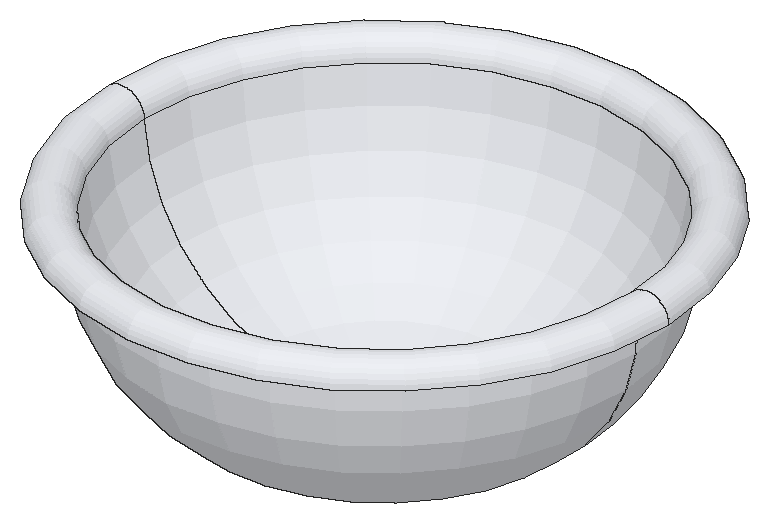
Revit family "Deca_Cuba de sobrepor Universal Redonda_L.50FFFFF", category Plumbing Fixtures, host Face, Revit 2010
Parameters (values of type "L.50.17_Branco Gelo GE17")
  WFU = 0
  Vendido Separadamente = "Sifão para lavatório: Cromado: (1680.C.100.112), Dourado (1680.D.100.112).   Slim: Cromado (1684.C.100.112), Dourado (1684.D.100.112).  Quadra: Cromado (1685.C.100.112). Articulado: Cromado (1682.C.100.112). Válvulas de escoamentos compatíveis: Luxo: Cromado (1601.C), Branco (1601.E.BR); Click: Cromado (1601.C.CLI). Competitivo: Cromado (1602.C), Dourado (1602.D); Tampão plástico: Cromado (1602.C.PLA)."  # constant formula
  Variações de COR = "Branco (L.50.17); Creme (L.50.37); Cinza (L.50.87); Ébano (L.50.95); Rosa (L.50.89)."  # constant formula
  URL = "www.deca.com.br/produtos"
  Segmento = "Competitivo"  # constant formula
  Raio Ponto de Esgoto = 20 mm  # constant formula
  Produto = "Cuba de sobrepor Universal Redonda"  # constant formula
  Peso Liquido (Kg) = 2.9
  Norma = " ABNT NBR 15097-1: 2011 / ABNT NBR 15097-2: 2011"  # constant formula
  Model = Código  # "L.50.17"
  Material = "Deca_Vitreous China"  # constant formula
  Manufacturer = "Deca"  # constant formula
  Louça/Metais = "Louça"  # constant formula
  Linha = "Cuba de sobrepor"  # constant formula
  Informações Complementares = ""
  Flow Pressure = 0.00 psi
  Diâmetro Ponto de Esgoto = Raio Ponto de Esgoto * 2  # 40 mm
  Description = "Cuba de sobrepor"  # constant formula
  Default Elevation = 0 mm
  Código = "L.50.17"
  Cuba = Deca GE17 Branco Gelo Cerâmica
  Criado por = "Contino/quattroD"  # constant formula
  Atendimento ao Cliente = "0800-0117073 "  # constant formula
  Assembly Code = "D2010400"
  Aprovado por = "Contino/quattroD"  # constant formula
  Acompanha o Produto = ""
Types (5, lengths in mm): name | Model | Código | Cuba
  L.50.17_Branco Gelo GE17 | "L.50.17" | "L.50.17" | Deca GE17 Branco Gelo Cerâmica
  L.50.37_Creme CR37 | "L.50.37" | "L.50.37" | Deca CR37 Creme Cerâmica
  L.50.87_Cinza Real CZ87 | "L.50.87" | "L.50.87" | Deca CZ87  Cinza Real Cerâmica
  L.50.95_Ébano EB95 | "L.50.95" | "L.50.95" | Deca EB95 Ébano Cerâmica
  L.50.89_Rosa RO89 | "L.50.89" | "L.50.89" | Deca RO89 Rosa Cerâmica
Reference planes
  plane 1 "Center (Front/Back)": y = 0
  plane 2: z = 0
  plane 3 "Center (Left/Right)": x = 0
  plane 4 "Left 1": x = -154.883
  plane 5 "Right 1": x = 155
  plane 6 "Back 2": y = 155
  plane 7 "Front 2": y = -155
  plane 8 "Top 1": z = 11.875
  plane 9 "Bottom 1": z = -118.008
  plane 10 "Back 1": y = 124.5
  plane 11 "Front 1": y = -124.5
Forms (mm)
  Revolve 1, solid, material "Deca GE17 Branco Gelo Cerâmica" <- "Cuba"
    sketch origin (0, 0, 0) x (1, 0, 0) y (0, 0, 1)
      loop
        line (-22.2, -96.242) -> (-27.539, -96.242)
        arc (-27.539, -96.242) -> (-97.685, -68.54) -> (-129.975, -0.383) r 102.662
        arc (-129.975, -0.383) -> (-141.625, 11.846) -> (-153.664, 0) r 11.847
        line (-153.664, 0) -> (-136.994, 0)
        arc (-136.994, 0) -> (-108.422, -74.604) -> (-35.254, -106.673) r 103.557
        line (-35.254, -106.673) -> (-32.438, -117.969) -> (-22.2, -117.969) -> (-22.2, -96.242)
      axis (0, -117.969) -> (0, 0)
    angle from 0 to 360
  Revolve 2, void
    sketch origin (0, 0, 0) x (0, -1, 0) y (0, 0, 1)
      loop
        line (0, 21.778) -> (-139.003, 21.778) -> (-139.003, 0)
        arc (-139.003, 0) -> (-109.476, -74.989) -> (-36.296, -108.75) r 108.172
        line (-36.296, -108.75) -> (-34.387, -116.25) -> (0, -116.25) -> (0, 21.778)
      axis (0, 21.778) -> (0, -116.25)
    angle from 0 to 360
Lines and regions (mm)
  Masking region 1
    outline origin (0, 0, -120) x (0, 1, 0) y (-1, 0, 0)
      loop
        circle (0, 0) r 155
  Masking region 2
    outline origin (0, 0, 0) x (1, 0, 0) y (0, 0, 1)
      loop
        line (-153.945, 0) -> (153.945, 0)
        arc (153.945, 0) -> (148.841, 8.469) -> (139.602, 11.992) r 15.169
        line (139.602, 11.992) -> (-139.602, 11.992)
        arc (-139.602, 11.992) -> (-148.841, 8.469) -> (-153.945, 0) r 15.169
  Masking region 3
    outline origin (0, 0, 0) x (0, 1, 0) y (0, 0, 1)
      loop
        line (-154, 0) -> (154, 0)
        arc (154, 0) -> (148.664, 8.537) -> (139.167, 11.875) r 15.219
        line (139.167, 11.875) -> (0, 11.875) -> (-139.167, 11.875)
        arc (-139.167, 11.875) -> (-148.664, 8.537) -> (-154, 0) r 15.219
  symbolic lines
    curve 1: arc (-124.5, 0, -120) -> (0, 124.5, -120) -> (124.5, 0, -120) r 124.5
    curve 2: arc (124.5, 0, -120) -> (0, -124.5, -120) -> (-124.5, 0, -120) r 124.5
    curve 3: arc (-30.053, 0, -120) -> (0, -30.053, -120) -> (30.053, 0, -120) r 30.053
    curve 4: arc (30.053, 0, -120) -> (0, 30.053, -120) -> (-30.053, 0, -120) r 30.053
    curve 33: line (-154.883, 40.537, -106.771) -> (-154.883, -40.537, -106.771)
    curve 34: circle (0, 0, 0) r 22.2 normal (0, 0, 1)
  symbolic lines, style "PlumbingFixturesHiddenLines"
    curve 5: arc (-134.947, -155, -4) -> (-136.119, -155, -1.171) -> (-138.947, -155, 0) r 4
    curve 6: arc (-134.947, -155, -4) -> (-128.735, -155, -39.229) -> (-110.849, -155, -70.209) r 103.011
    curve 7: arc (-110.849, -155, -70.209) -> (-79.319, -155, -95.462) -> (-40.501, -155, -106.644) r 102.986
    curve 8: arc (-40.501, -155, -106.644) -> (-35.111, -155, -109.335) -> (-33.058, -155, -115) r 8.121
    curve 9: line (-33.058, -155, -115) -> (-32.923, -155, -116.106)
    curve 10: arc (-32.923, -155, -116.106) -> (-32.262, -155, -117.413) -> (-30.921, -155, -118) r 2.163
    curve 11: line (-30.921, -155, -118) -> (0, -155, -118)
    curve 12: arc (134.947, -155, -4) -> (136.119, -155, -1.171) -> (138.947, -155, 0) r 4
    curve 13: arc (134.947, -155, -4) -> (128.735, -155, -39.229) -> (110.849, -155, -70.209) r 103.011
    curve 14: arc (110.849, -155, -70.209) -> (79.319, -155, -95.462) -> (40.501, -155, -106.644) r 102.986
    curve 15: arc (40.501, -155, -106.644) -> (35.111, -155, -109.335) -> (33.058, -155, -115) r 8.121
    curve 16: line (33.058, -155, -115) -> (32.923, -155, -116.106)
    curve 17: arc (32.923, -155, -116.106) -> (32.262, -155, -117.413) -> (30.921, -155, -118) r 2.163
    curve 18: line (30.921, -155, -118) -> (0, -155, -118)
    curve 20: arc (-154.883, 139.003, 0) -> (-154.883, 136.174, -1.172) -> (-154.883, 135.002, -4.001) r 4.001
    curve 21: arc (-154.883, 135.002, -4.001) -> (-154.883, 128.142, -41.013) -> (-154.883, 108.474, -73.108) r 103.279
    curve 22: arc (-154.883, 108.474, -73.108) -> (-154.883, 77.722, -96.432) -> (-154.883, 40.537, -106.771) r 102.791
    curve 23: arc (-154.883, 33.28, -113.769) -> (-154.883, 35.667, -108.983) -> (-154.883, 40.537, -106.771) r 8
    curve 24: line (-154.883, 33.217, -114.284) -> (-154.883, 32.961, -116.369)
    curve 25: arc (-154.883, 32.961, -116.369) -> (-154.883, 32.301, -117.623) -> (-154.883, 30.976, -118.125) r 2
    curve 26: arc (-154.883, -139.003, 0) -> (-154.883, -136.174, -1.172) -> (-154.883, -135.002, -4.001) r 4.001
    curve 27: arc (-154.883, -135.002, -4.001) -> (-154.883, -128.142, -41.013) -> (-154.883, -108.474, -73.108) r 103.279
    curve 28: arc (-154.883, -108.474, -73.108) -> (-154.883, -77.722, -96.432) -> (-154.883, -40.537, -106.771) r 102.791
    curve 29: arc (-154.883, -33.28, -113.769) -> (-154.883, -35.667, -108.983) -> (-154.883, -40.537, -106.771) r 8
    curve 30: line (-154.883, -33.217, -114.284) -> (-154.883, -32.961, -116.369)
    curve 31: arc (-154.883, -32.961, -116.369) -> (-154.883, -32.301, -117.623) -> (-154.883, -30.976, -118.125) r 2
    curve 32: line (-154.883, -30.976, -118.125) -> (-154.883, 30.976, -118.125)
  symbolic lines, style "PlumbingFixtures"
    curve 19: line (-40.501, -155, -106.644) -> (40.501, -155, -106.644)
Dimensions and locks
  plane 4 "Left 1" to plane 5 "Right 1" = 309.883 mm  (x2)
  plane 6 "Back 2" to plane 7 "Front 2" = 310 mm
  plane 8 "Top 1" to host face = 11.875 mm  (x2)
  plane 7 "Front 2" to plane 6 "Back 2" = 310 mm
  plane 10 "Back 1" to plane 11 "Front 1" = 249 mm
  level to plane 9 "Bottom 1" = 118.008 mm
  host face to plane 9 "Bottom 1" = 118.008 mm
  aligned and locked: host face to plane 2
  aligned and locked: level to host face
Connectors
  piping at (0, 0, -117.969), driven by "Raio Ponto de Esgoto", driven by "Flow Pressure", driven by "WFU"
    settings: on Revolve 1, index 1, connector radius 0.7874", flow factor 0, pipe flow 0 GPM, pressure drop 0.00 psi, fitting loss kfactor 0, connector angle 0.00°, fixture units 0, engagement length 0 mm, flow configuration 3, flow direction 2, fitting loss method 0, system type 16, joint type 0, gender type 0, connector reference index -1, connector utility 0, adjustable connector no, is connector primary yes, fitting loss table "", connector description ""
